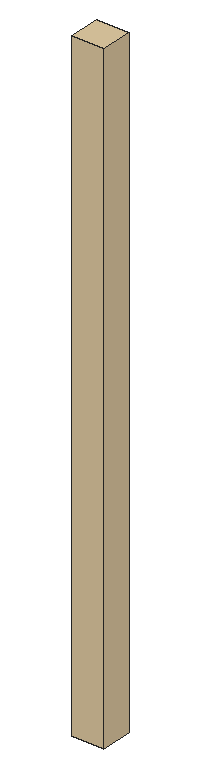
Revit family
Parameters (values of type "6x6")
  Column Material [instance] = Wood - Dimensional Lumber
  A = 30.24 in²
  Assembly Code = "B10"
  Ix = 76.26
  Iy = 76.26
  Sx = 27.73
  Sy = 27.73
  b = 0' - 5 1/2"
  d = 0' - 5 1/2"
Reference planes (in)
  plane 1 "Center (Front/Back)": y = 0
  plane 2: z = 0
  plane 3 "Center (Left/Right)": x = 0
  plane 4: x = -2.75
  plane 5: x = 2.75
  plane 6: y = 2.75
  plane 7: y = -2.75
Forms (in)
  Extrusion 1, solid, material "Wood - Dimensional Lumber" <- "Column Material", detail levels medium+fine
    sketch origin (0, 0, 0) x (1, 0, 0) y (0, 1, 0)
      loop
        line (-2.75, 2.75) -> (-2.75, -2.75) -> (2.75, -2.75) -> (2.75, 2.75) -> (-2.75, 2.75)
    from 0 to 108
Lines and regions (in)
  symbolic lines, style "StructuralColumnStickSymbols", detail levels coarse
    curve 1: line (-2.75, 2.75, 0) -> (2.75, 2.75, 0)
    curve 2: line (-2.75, -2.75, 0) -> (2.75, -2.75, 0)
    curve 3: line (-2.75, 2.75, 0) -> (-2.75, -2.75, 0)
    curve 4: line (2.75, 2.75, 0) -> (2.75, -2.75, 0)
Dimensions and locks (in)
  equal spacing: plane 4, plane 3 "Center (Left/Right)", plane 5
  equal spacing: plane 7, plane 1 "Center (Front/Back)", plane 6
  "d": plane 7 to plane 6
  "b": plane 4 to plane 5
  aligned and locked: plane 6 to Extrusion 1 sketch curve
  aligned and locked: Extrusion 1 sketch curve to plane 7
  aligned and locked: Extrusion 1 sketch curve to plane 4
  aligned and locked: plane 5 to Extrusion 1 sketch curve
  aligned and locked: level to Extrusion 1
  aligned and locked: level to plane 2
  aligned and locked: Extrusion 1 to plane 2
Automatic sketch dimensions
  curve 3 to plane 4 = 0' - 0"
  curve 4 to plane 5 = 0' - 0"
  curve 3 to plane 7 = 0' - 0"
  curve 3 to plane 6 = 0' - 0"
